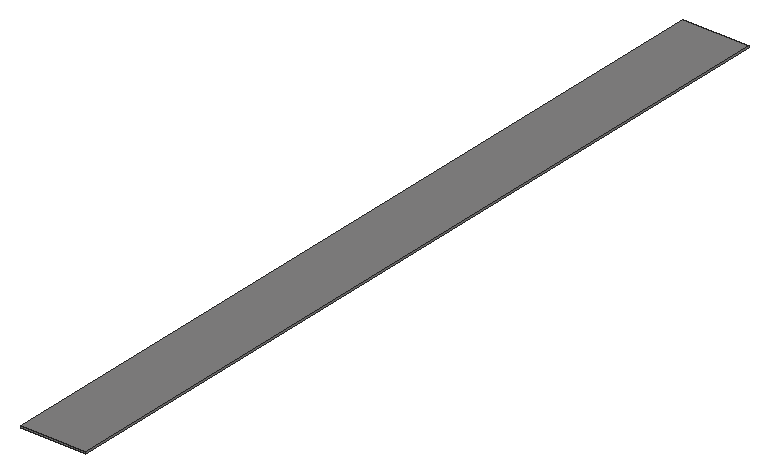
Revit family "Strap_Tie-Simpson_Strong_Tie-MSTI-3D", category Structural Connections, host Face, Revit 2012
Parameters
  Width = 2 1/16"
  URL = "http://www.strongtie.com"
  Type Comments = "Strap Tie"  # constant formula
  SPF/HF_Allowable Loads_Tension_160 = "Use Type Catalog"
  Provide Feedback = "http://www.strongtie.com/drawings/revit_request.asp"
  Product Material = Steel - Simpson - Galvanized
  Product Documentation Link = "http://www.strongtie.com/products/cfs/hrs-st-fha-ps-lsta-lsti-mst-msta-mstc-msti.asp"
  Part Number = Model  # "Use Type Catalog"
  Part Description = Description  # "Straps are designed to transfer tension loads in a wide variety of applications"
  Original Creation Date = "April 15, 2013"  # constant formula
  Model ID = "42350A03-CBD9-4FC2-9489-3DC3EAF9B346"  # constant formula
  Model Disclaimer = "Contact Simpson Strong-Tie Company Inc. for more information"  # constant formula
  Model = "Use Type Catalog"
  Metal Gauge = "Use Type Catalog"
  Manufacturer = "Simpson Strong-Tie Company Inc."  # constant formula
  Length = 26"
  Keynote = ""
  Is Void = yes
  Fasteners_Type = "Use Type Catalog"
  Fasteners_Quantity = 0
  Family Version = "1.0.0"  # constant formula
  Equipment Number [instance] = ""
  Equipment Abbreviation = "Use Type Catalog"
  Description = "Straps are designed to transfer tension loads in a wide variety of applications"  # constant formula
  Default Elevation = 0"
  Date Last Modified = "April 18, 2013"  # constant formula
  DF/SP_Allowable Loads_Tension_160 = "Use Type Catalog"
  Copyright = "Copyright © Simpson Strong-Tie Company Inc."  # constant formula
  Code Reference = "Use Type Catalog"
Reference planes (in)
  plane 1 "Center (Front/Back)": y = 0
  plane 2: z = 0
  plane 3 "Center (Left/Right)": x = 0
  plane 4 "top": z = 0.0625
  plane 5 "right": x = 1.03125
  plane 6 "left": x = -1.03125
  plane 7 "back": y = 13
  plane 8 "front": y = -13
Forms (in)
  Extrusion 1, solid, material "Steel - Simpson - Galvanized" <- "Product Material", detail levels medium+fine
    sketch origin (0, 0, -3.671) x (0, -1, 0) y (1, 0, 0)
      loop
        line (-13, 1.03125) -> (-13, -1.03125) -> (13, -1.03125) -> (13, 1.03125) -> (-13, 1.03125)
    from 3.671 to 3.7335
Lines and regions (in)
  Masking region 1, detail levels medium+fine
    outline origin (0, 0, 0.0625) x (0, -1, 0) y (1, 0, 0)
      loop
        line (13, 1.03125) -> (-13, 1.03125) -> (-13, -1.03125) -> (13, -1.03125) -> (13, 1.03125)
  Masking region 2, detail levels medium+fine
    outline origin (1.03125, 0, 0) x (0, 1, 0) y (0, 0, 1)
      loop
        line (-13, 0) -> (13, 0) -> (13, 0.0625) -> (-13, 0.0625) -> (-13, 0)
  Masking region 3, detail levels medium+fine
    outline origin (-1.03125, 0, 0) x (0, 1, 0) y (0, 0, 1)
      loop
        line (13, 0.0625) -> (-13, 0.0625) -> (-13, 0) -> (13, 0) -> (13, 0.0625)
  Masking region 4, detail levels medium+fine
    outline origin (0, 13, 0) x (-1, 0, 0) y (0, 0, 1)
      loop
        line (-1.03125, 0) -> (1.03125, 0) -> (1.03125, 0.0625) -> (-1.03125, 0.0625) -> (-1.03125, 0)
  Masking region 5, detail levels medium+fine
    outline origin (0, -13, 0) x (-1, 0, 0) y (0, 0, 1)
      loop
        line (1.03125, 0.0625) -> (-1.03125, 0.0625) -> (-1.03125, 0) -> (1.03125, 0) -> (1.03125, 0.0625)
  symbolic lines, detail levels medium+fine
    curve 1: line (1.03125, -13, 0.0625) -> (1.03125, 13, 0.0625)
    curve 2: line (1.03125, 13, 0.0625) -> (-1.03125, 13, 0.0625)
    curve 3: line (-1.03125, 13, 0.0625) -> (-1.03125, -13, 0.0625)
    curve 4: line (-1.03125, -13, 0.0625) -> (1.03125, -13, 0.0625)
    curve 5: line (1.03125, -13, 0) -> (1.03125, 13, 0)
    curve 6: line (1.03125, 13, 0) -> (1.03125, 13, 0.0625)
    curve 7: line (1.03125, 13, 0.0625) -> (1.03125, -13, 0.0625)
    curve 8: line (1.03125, -13, 0.0625) -> (1.03125, -13, 0)
    curve 9: line (1.03125, 13, 0) -> (-1.03125, 13, 0)
    curve 10: line (-1.03125, 13, 0) -> (-1.03125, 13, 0.0625)
    curve 11: line (-1.03125, 13, 0.0625) -> (1.03125, 13, 0.0625)
    curve 12: line (1.03125, 13, 0.0625) -> (1.03125, 13, 0)
Dimensions and locks (in)
  locked: plane 4 "top" to plane 2 at 0.0625
  equal spacing: plane 6 "left", plane 3 "Center (Left/Right)", plane 5 "right"
  "Width": plane 6 "left" to plane 5 "right"
  equal spacing: plane 7 "back", plane 1 "Center (Front/Back)", plane 8 "front"
  "Length": plane 7 "back" to plane 8 "front"
  aligned and locked: plane 2 to host face
  aligned and locked: level to host face
  aligned and locked: Extrusion 1 to plane 2
  aligned and locked: plane 4 "top" to Extrusion 1
  aligned and locked: plane 7 "back" to Extrusion 1
  aligned and locked: Extrusion 1 to plane 6 "left"
  aligned and locked: plane 5 "right" to Extrusion 1
  aligned and locked: Extrusion 1 to plane 8 "front"
  aligned and locked: curve 1 to Extrusion 1
  aligned and locked: curve 2 to Extrusion 1
  aligned and locked: curve 3 to Extrusion 1
  aligned and locked: curve 4 to Extrusion 1
  aligned and locked: Masking region 1 sketch curve to curve 1
  aligned and locked: Masking region 1 sketch curve to curve 2
  aligned and locked: Masking region 1 sketch curve to curve 3
  aligned and locked: Masking region 1 sketch curve to curve 4
  aligned and locked: curve 5 to Extrusion 1
  aligned and locked: curve 6 to Extrusion 1
  aligned and locked: curve 7 to Extrusion 1
  aligned and locked: curve 8 to Extrusion 1
  aligned and locked: Masking region 2 sketch curve to curve 5
  aligned and locked: Masking region 2 sketch curve to curve 6
  aligned and locked: Masking region 2 sketch curve to curve 7
  aligned and locked: Masking region 2 sketch curve to curve 8
  aligned and locked: Masking region 3 sketch curve to curve 7
  aligned and locked: Masking region 3 sketch curve to curve 8
  aligned and locked: Masking region 3 sketch curve to curve 5
  aligned and locked: Masking region 3 sketch curve to curve 6
  aligned and locked: curve 9 to Extrusion 1
  aligned and locked: curve 10 to Extrusion 1
  aligned and locked: curve 11 to Extrusion 1
  aligned and locked: curve 12 to Extrusion 1
  aligned and locked: Masking region 4 sketch curve to curve 9
  aligned and locked: Masking region 4 sketch curve to curve 10
  aligned and locked: Masking region 4 sketch curve to curve 11
  aligned and locked: Masking region 4 sketch curve to curve 12
  aligned and locked: Masking region 5 sketch curve to curve 11
  aligned and locked: Masking region 5 sketch curve to curve 12
  aligned and locked: Masking region 5 sketch curve to curve 9
  aligned and locked: Masking region 5 sketch curve to curve 10
Automatic sketch dimensions
  host sketch curve to host sketch curve = 3"
  host sketch curve to host sketch curve = 5.47729"
  Extrusion 1 sketch curve to plane 6 "left" = 0"
  Extrusion 1 sketch curve to plane 7 "back" = 0"
  Extrusion 1 sketch curve to plane 8 "front" = 0"
  Extrusion 1 sketch curve to plane 5 "right" = 0"
  curve 1 to plane 5 "right" = 0"
  curve 1 to plane 7 "back" = 0"
  curve 3 to plane 6 "left" = 0"
  curve 3 to plane 8 "front" = 0"
  curve 8 to level = 0"
  curve 8 to plane 8 "front" = 0"
  curve 7 to plane 4 "top" = 0"
  curve 7 to plane 7 "back" = 0"
  curve 12 to level = 0"
  curve 12 to plane 5 "right" = 0"
  curve 11 to plane 4 "top" = 0"
  curve 11 to plane 6 "left" = 0"
